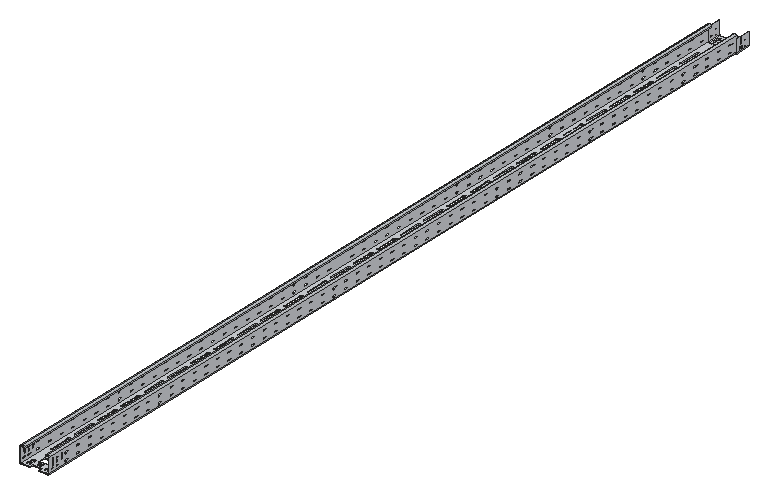
Revit family "Kabelrinne MKS Magic-MKSM Kabelrinne 1 mm, FT,FS", category Generic Models, Revit 2017 (continued)
Dimensions and locks
  locked: cut or joined group 1 (Extrusion 1, Extrusion 3, Extrusion 4, Extrusion 5, Extrusion 6, Extrusion 7, Extrusion 8, Extrusion 9, Extrusion 10, Extrusion 11, Extrusion 12, Extrusion 13, Extrusion 14, Extrusion 30, Extrusion 31, Extrusion 32, Extrusion 33, Extrusion 34, Extrusion 35, Extrusion 36, Extrusion 37, Extrusion 38, Extrusion 39, Extrusion 40, Extrusion 41, Extrusion 42, Extrusion 43, Extrusion 44, Extrusion 45, Extrusion 46, Extrusion 47, Extrusion 48, Extrusion 49, Extrusion 50, Extrusion 51, Extrusion 52, Extrusion 53, Extrusion 54, Extrusion 55, Extrusion 56, Extrusion 57, Extrusion 58, Extrusion 59, Extrusion 60, Extrusion 61, Extrusion 62, Extrusion 63, Extrusion 64, Extrusion 65, Extrusion 66, Extrusion 67, Extrusion 68, Extrusion 69, Extrusion 70, Extrusion 71, Extrusion 72, Extrusion 73, Extrusion 74, Extrusion 75, Extrusion 76, Extrusion 77, Extrusion 78, Extrusion 79, Extrusion 80, Extrusion 81, Extrusion 82, Extrusion 83, Extrusion 84, Extrusion 85, Extrusion 86, Extrusion 87, Extrusion 88, Extrusion 89, Extrusion 90, Extrusion 91, Extrusion 92, Extrusion 93, Extrusion 94, Extrusion 95, Extrusion 96, Extrusion 97, Extrusion 98, Extrusion 99, Extrusion 100, Extrusion 101, Extrusion 102, Extrusion 103, Extrusion 104, Extrusion 105, Extrusion 106, Extrusion 107, Extrusion 108, Extrusion 109, Extrusion 110, Extrusion 111, Extrusion 112, Extrusion 113, Extrusion 114, Extrusion 115, Extrusion 116, Extrusion 117, Extrusion 118, Extrusion 119, Extrusion 120, Extrusion 121, Extrusion 122, Extrusion 123, Extrusion 124, Extrusion 125, Extrusion 126, Extrusion 127, Extrusion 128, Extrusion 129, Extrusion 130, Extrusion 131, Extrusion 132, Extrusion 133, Extrusion 134, Extrusion 135, Extrusion 136, Extrusion 137, Extrusion 138, Extrusion 139, Extrusion 140, Extrusion 141, Extrusion 142, Extrusion 143, Extrusion 144, Extrusion 145, Extrusion 146, Extrusion 147, Extrusion 148, Extrusion 149, Extrusion 150, Extrusion 151, Extrusion 152, Extrusion 153, Extrusion 154, Extrusion 155, Extrusion 156, Extrusion 157, Extrusion 158, Extrusion 159, Extrusion 160, Extrusion 161, Extrusion 162, Extrusion 163, Extrusion 164, Extrusion 165, Extrusion 166, Extrusion 167, Extrusion 168, Extrusion 169, Extrusion 170, Extrusion 171, Extrusion 172, Extrusion 173, Extrusion 174, Extrusion 175, Extrusion 176, Extrusion 177, Extrusion 178, Extrusion 179, Extrusion 180, Extrusion 181, Extrusion 182, Extrusion 183, Extrusion 184, Extrusion 185, Extrusion 186, Extrusion 187, Extrusion 188, Extrusion 189, Extrusion 190, Extrusion 191, Extrusion 192, Extrusion 193, Extrusion 194, Extrusion 195, Extrusion 196, Extrusion 197, Extrusion 198, Extrusion 199, Extrusion 200, Extrusion 201, Extrusion 202, Extrusion 203, Extrusion 204, Extrusion 205, Extrusion 206, Extrusion 207, Extrusion 208, Extrusion 209, Extrusion 210, Extrusion 211, Extrusion 212, Extrusion 213, Extrusion 214, Extrusion 215, Extrusion 216, Extrusion 217, Extrusion 218, Extrusion 219, Extrusion 220, Extrusion 221, Extrusion 222, Extrusion 223, Extrusion 224, Extrusion 225, Extrusion 226, Extrusion 227, Extrusion 228, Extrusion 229, Extrusion 230, Extrusion 231, Extrusion 232, Extrusion 233, Extrusion 234, Extrusion 235, Extrusion 236, Extrusion 237, Extrusion 238, Extrusion 239, Extrusion 240, Extrusion 241, Extrusion 242, Extrusion 243, Extrusion 244, Extrusion 245, Extrusion 246, Extrusion 247, Extrusion 248, Extrusion 249, Extrusion 250, Extrusion 251, Extrusion 252, Extrusion 253, Extrusion 254, Extrusion 255, Extrusion 256, Extrusion 257, Extrusion 258, Extrusion 259, Extrusion 260, Extrusion 262, Extrusion 263, Extrusion 264, Extrusion 265, Extrusion 266, Extrusion 267, Extrusion 268, Extrusion 269, Extrusion 270, Extrusion 271, Extrusion 272, Extrusion 273, Extrusion 274, Extrusion 275, Extrusion 276, Extrusion 277, Extrusion 278, Extrusion 279, Extrusion 280, Extrusion 281, Extrusion 282, Extrusion 283, Extrusion 284, Extrusion 285, Extrusion 286, Extrusion 287, Extrusion 288, Extrusion 289, Extrusion 290, Extrusion 291, Extrusion 292, Extrusion 293, Extrusion 294, Extrusion 295, Extrusion 296, Extrusion 297, Extrusion 298, Extrusion 299, Extrusion 300, Extrusion 301, Extrusion 302, Extrusion 303, Extrusion 304, Extrusion 305, Extrusion 306, Extrusion 307, Extrusion 308, Extrusion 309, Extrusion 310, Extrusion 311, Extrusion 312, Extrusion 313, Extrusion 314, Extrusion 315, Extrusion 316, Extrusion 317, Extrusion 318, Extrusion 319, Extrusion 320, Extrusion 321, Extrusion 322, Extrusion 323, Extrusion 324, Extrusion 325, Extrusion 326, Extrusion 327, Extrusion 328, Extrusion 329, Extrusion 330, Extrusion 331, Extrusion 332, Extrusion 333, Extrusion 334, Extrusion 335, Extrusion 336, Extrusion 337, Extrusion 338, Extrusion 339, Extrusion 340, Extrusion 341, Extrusion 342, Extrusion 343, Extrusion 344, Extrusion 345, Extrusion 346, Extrusion 347, Extrusion 348, Extrusion 349, Extrusion 350, Extrusion 352, Extrusion 354, Extrusion 355, Extrusion 356, Extrusion 357, Extrusion 358, Extrusion 359, Extrusion 360, Extrusion 361, Extrusion 362, Extrusion 363, Extrusion 364, Extrusion 365, Extrusion 366, Extrusion 367, Extrusion 368, Extrusion 369, Extrusion 370, Extrusion 371, Extrusion 372, Extrusion 373, Extrusion 374, Extrusion 375, Extrusion 376, Extrusion 377, Extrusion 378, Extrusion 379, Extrusion 380, Extrusion 381, Extrusion 382, Extrusion 383, Extrusion 384, Extrusion 385, Extrusion 386, Extrusion 387, Extrusion 388, Extrusion 389, Extrusion 390, Extrusion 391, Extrusion 392, Extrusion 393, Extrusion 394, Extrusion 395, Extrusion 396, Extrusion 397, Extrusion 398, Extrusion 399, Extrusion 400, Extrusion 401, Extrusion 402, Extrusion 403, Extrusion 404, Extrusion 405, Extrusion 406, Extrusion 407, Extrusion 408, Extrusion 409, Extrusion 410, Extrusion 411) to plane 62 at 25.1
  locked: cut or joined group 1 to plane 65 at 3.5
  locked: cut or joined group 1 to plane 66 at 3.5
  locked: cut or joined group 1 to plane 67 at 14
  Extrusion 352 sketch curve to plane 68 = 3.886 mm
  plane 68 to Extrusion 352 sketch curve = 4.123 mm
  Extrusion 352 sketch curve to Extrusion 352 sketch curve = 13.011 mm
  Extrusion 352 sketch curve to plane 69 = 11.011 mm
  locked: Extrusion 351 to Extrusion 351 at 1  (x4)
  locked: Extrusion 353 to Extrusion 353 at 1  (x4)
  locked: Extrusion 351 to Extrusion 353 at 9.5
  locked: cut or joined group 1 to plane 63 at 3.5
  locked: plane 63 to cut or joined group 1 at 3.5
  cut or joined group 1 to plane 76 = 12.71 mm
  group 318 to group 319 = 0 mm  (x2)
  group 318 to group 319 = 101.686 mm
  cut or joined group 1 to plane 79 = 12.7 mm
  plane 79 to plane 76 = 2643.534 mm
  equal spacing: group 319, group 320, group 321, group 322, group 323, group 324, group 325, group 326, group 327, group 328, group 329, group 330, group 331, group 332, group 333, group 334, group 335, group 336, group 337, group 338, group 339, group 340, group 341, group 342, group 343, group 344, group 345  (x3)
  cut or joined group 1 to plane 82 = 12.7 mm
  group 346 to group 347 = 0 mm  (x2)
  group 346 to group 347 = 101.703 mm
  equal spacing: group 347, group 348, group 349, group 350, group 351, group 352, group 353, group 354, group 355, group 356, group 357, group 358, group 359, group 360, group 361, group 362, group 363, group 364, group 365, group 366, group 367, group 368, group 369, group 370, group 371, group 372, group 373  (x3)
  aligned and locked: level to plane 2
  aligned and locked: Extrusion 1 to level
  aligned and locked: Extrusion 1 to Extrusion 1
  aligned and locked: plane 1 "Center (Front/Back)" to Extrusion 1
  aligned and locked: Extrusion 2 to Extrusion 1
  aligned and locked: Extrusion 1 to Extrusion 3  (x2)
  aligned and locked: Extrusion 1 to Extrusion 4  (x2)
  aligned and locked: Extrusion 1 to Extrusion 5  (x2)
  aligned and locked: Extrusion 1 to Extrusion 6  (x2)
  aligned and locked: Extrusion 1 to Extrusion 7  (x2)
  aligned and locked: Extrusion 1 to Extrusion 8  (x2)
  aligned and locked: Extrusion 1 to Extrusion 9  (x2)
  aligned and locked: Extrusion 10 to Extrusion 2
